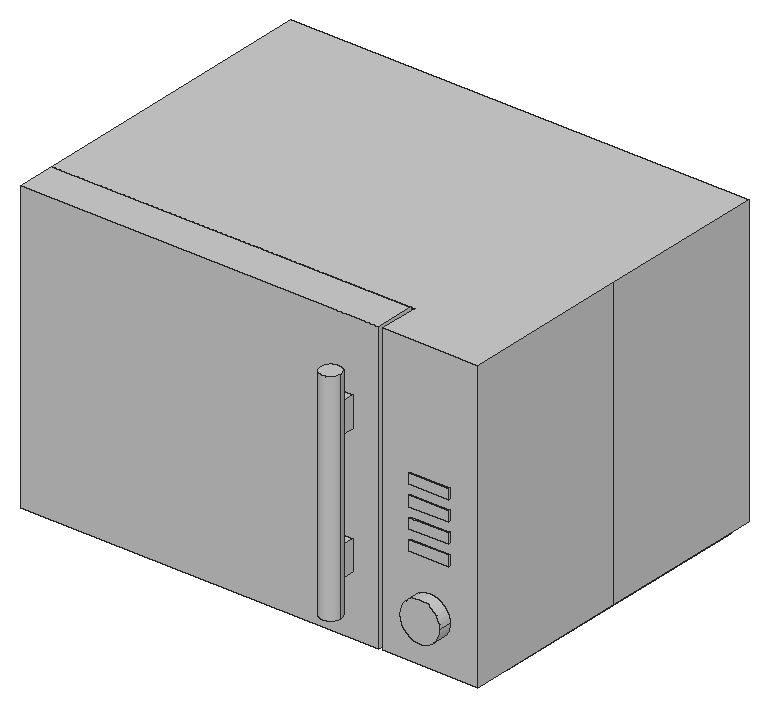
Revit family
Parameters
  Length = 2438.4 mm
  Angle = 36.00°
Reference planes
  plane 1 "Center Front/Back": y = 0
  plane 2: z = 0
  plane 3 "Center Left/Right": x = 0
Forms (mm)
  Extrusion 1, solid, material "Metal - Steel, Polished"
    sketch origin (0, 0, 0) x (1, 0, 0) y (0, 1, 0)
      loop
        line (230, 0) -> (230, 170) -> (-230, 170) -> (-230, 0) -> (-230, -130) -> (134.41, -130) -> (134.41, -170) -> (230, -170) -> (230, 0)
    from 10 to 300
  Extrusion 2, solid
    sketch origin (0, 0, 0) x (1, 0, 0) y (0, 1, 0)
      loop
        line (-220, -120) -> (220, -120) -> (220, 0) -> (220, 160) -> (-220, 160) -> (-220, 0) -> (-220, -120)
    from 0 to 10
  Extrusion 3, solid, material "Metal - Steel, Polished"
    sketch origin (0, 0, 0) x (1, 0, 0) y (0, 1, 0)
      loop
        line (130.521, -170) -> (130.521, -130) -> (-230, -130) -> (-230, -170) -> (130.521, -170)
    from 10 to 300
  Extrusion 4, solid, material "Metal - Steel, Polished"
    sketch origin (0, 7, 0) x (1, 0, 0) y (0, 1, 0)
      loop
        circle (100.521, -200) r 10
    from 40 to 260
  Extrusion 5, solid, material "Metal - Steel, Polished"
    sketch origin (0, 0, 0) x (1, 0, 0) y (0, 0, 1)
      loop
        circle (181.89, 57.701) r 20
    from 170 to 182.613
  Extrusion 6, solid, material "Metal - Steel, Polished"
    sketch origin (0, 7, 0) x (1, 0, 0) y (0, 1, 0)
      loop
        line (104.521, -177) -> (96.521, -177) -> (96.521, -190.835)
        arc (96.521, -190.835) -> (100.521, -190) -> (104.521, -190.835) r 10
        line (104.521, -190.835) -> (104.521, -177)
    from 70 to 100
  Extrusion 7, solid, material "Metal - Steel, Polished"
    sketch origin (0, 7, 0) x (1, 0, 0) y (0, 1, 0)
      loop
        line (104.521, -177) -> (96.521, -177) -> (96.521, -190.835)
        arc (96.521, -190.835) -> (100.521, -190) -> (104.521, -190.835) r 10
        line (104.521, -190.835) -> (104.521, -177)
    from 199.04 to 229.517
  Extrusion 8, solid, material "Metal - Steel, Polished"
    sketch origin (0, 0, 0) x (1, 0, 0) y (0, 0, 1)
      loop
        line (162.205, 110) -> (202.205, 110) -> (202.205, 120) -> (162.205, 120) -> (162.205, 110)
    from 170 to 171.879
  Extrusion 9, solid, material "Metal - Steel, Polished"
    sketch origin (0, 0, 20) x (1, 0, 0) y (0, 0, 1)
      loop
        line (162.205, 110) -> (202.205, 110) -> (202.205, 120) -> (162.205, 120) -> (162.205, 110)
    from 170 to 171.879
  Extrusion 10, solid, material "Metal - Steel, Polished"
    sketch origin (0, 0, 40) x (1, 0, 0) y (0, 0, 1)
      loop
        line (162.205, 110) -> (202.205, 110) -> (202.205, 120) -> (162.205, 120) -> (162.205, 110)
    from 170 to 171.879
  Extrusion 11, solid, material "Metal - Steel, Polished"
    sketch origin (0, 0, 60) x (1, 0, 0) y (0, 0, 1)
      loop
        line (162.205, 110) -> (202.205, 110) -> (202.205, 120) -> (162.205, 120) -> (162.205, 110)
    from 170 to 171.879
Lines and regions (mm)
  Split face 1
    outline origin (120, -170, 0) x (-1, 0, 0) y (0, 0, -1)
      loop
        line (300, -250) -> (300, -60) -> (53, -60) -> (53, -250) -> (300, -250)
  Split face 2
    outline origin (-230, 0, 0) x (0, -1, 0) y (0, 0, 1)
      loop
        line (13.943, 44.043) -> (73.943, 44.043) -> (73.943, 49.043) -> (13.943, 49.043) -> (13.943, 44.043)
  Split face 3
    outline origin (-230, 0, 0) x (0, -1, 0) y (0, 0, 1)
      loop
        line (13.943, 54.043) -> (73.943, 54.043) -> (73.943, 59.043) -> (13.943, 59.043) -> (13.943, 54.043)
  Split face 4
    outline origin (-230, 0, 0) x (0, -1, 0) y (0, 0, 1)
      loop
        line (13.943, 64.043) -> (73.943, 64.043) -> (73.943, 69.043) -> (13.943, 69.043) -> (13.943, 64.043)
  Split face 5
    outline origin (-230, 0, 0) x (0, -1, 0) y (0, 0, 1)
      loop
        line (13.943, 74.043) -> (73.943, 74.043) -> (73.943, 79.043) -> (13.943, 79.043) -> (13.943, 74.043)
  Split face 6
    outline origin (-230, 0, 0) x (0, -1, 0) y (0, 0, 1)
      loop
        line (13.943, 84.043) -> (73.943, 84.043) -> (73.943, 89.043) -> (13.943, 89.043) -> (13.943, 84.043)
  Split face 7
    outline origin (-230, -170, 0) x (1, 0, 0) y (0, 0, 1)
      loop
        line (445, 285) -> (379.41, 285) -> (379.41, 255) -> (445, 255) -> (445, 285)
Dimensions and locks
  aligned and locked: level to plane 2
